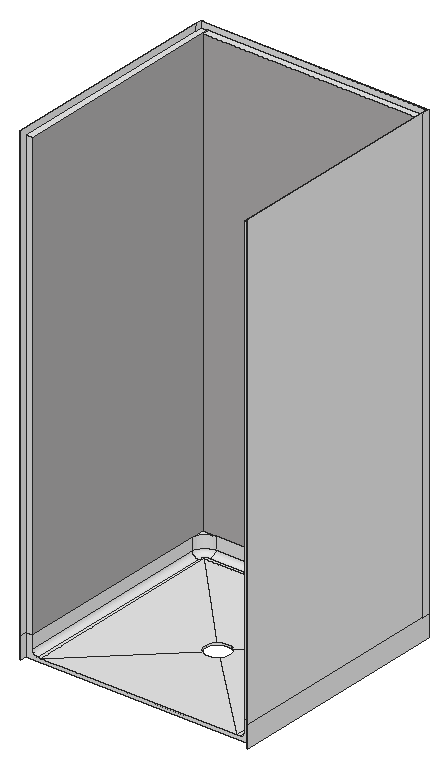
Revit family "4LBS3838FB5T,FB2T,FB5B,FB2B", category Plumbing Fixtures, Revit 2017
Family settings
  Round Connector Dimension = Use Diameter
  Part Type = Normal
  OmniClass Number = 23.45.05.14.17
  OmniClass Title = Showers
  Work Plane-Based = No
  Always vertical = Yes
  Cut with Voids When Loaded = No
  Shared = No
  Room Calculation Point = No
Parameters (values of type "4LBS3838FB5T")
  Unit Width = 38 1/2"
  Unit Height = 80 1/8"
  Unit Depth = 38 1/4"
  URL = "http://www.bestbath.com/"
  Type Comments = "Barrier Free"
  Threshold Height = 5/8"
  Model = "4LBS3838FB5T"
  Material [instance] = Best Bath Gelcoat Fiberglass - 4 x 8 Subway Tile
  Manufacturer = "Best Bath Systems, Inc."
  Keynote = "22 40 00.B3"
  Description = "4 x 8 Subway Tile, Traditional Bull Nose Threshold"
  Assembly Code = "D2010710"
Types (5): name | Unit Height | Threshold Height | Model | Description
  (no name) | 80 1/8" | 5/8" | "4LBS3838FB5T" | "4 x 8 Subway Tile, Traditional Bull Nose Threshold"
  4LBS3838FB5B | 80 1/8" | 5/8" | "4LBS3838FB5B" | "4 x 8 Subway Tile, Beveled Threshold"
  4LBS3838FB2B | 81 1/2" | 2" | "4LBS3838FB2B" | "4 x 8 Subway Tile, Beveled Threshold"
  4LBS3838FB5T | 80 1/8" | 5/8" | "4LBS3838FB5T" | "4 x 8 Subway Tile, Traditional Bull Nose Threshold"
  4LBS3838FB2T | 81 1/2" | 2" | "4LBS3838FB2T" | "4 x 8 Tile, Traditional Bull Nose Threshold"
Reference planes (in)
  plane 1 "Back": y = -0.5
  plane 2: z = 0
  plane 3 "Left": x = 0
  plane 4: x = 38.5
  plane 5: y = -37.75
  plane 6: z = 79.125
  plane 7: z = 0.625
  plane 8: z = 80.125
  plane 9: x = 19.25
  plane 10: y = -1.75
  plane 11: y = -21
  plane 12: z = 0.25
  plane 13: z = 3.625
  plane 14: y = -38.75
Forms (in)
  Extrusion 1, solid, material "Best Bath Smoothwall"
    sketch origin (0, 0, 0) x (1, 0, 0) y (0, 1, 0)
      loop
        line (0, -0.5) -> (0, -37.75) -> (38.5, -37.75) -> (38.5, -0.5) -> (0, -0.5)
      loop
        circle (19.25, -21) r 2.0625
    from 0 to 0.625
  Extrusion 2, solid, material "Best Bath Smoothwall"
    sketch origin (0, 0, 0) x (1, 0, 0) y (0, 1, 0)
      loop
        line (1.25, -0.625) -> (1.25, -1.75) -> (37.25, -1.75) -> (37.25, -0.625) -> (1.25, -0.625)
    from 3.625 to 79.125
  Extrusion 3, solid, material "Best Bath Smoothwall"
    sketch origin (0, 0, 0) x (1, 0, 0) y (0, 1, 0)
      loop
        line (0, -37.75) -> (1.25, -37.75) -> (1.25, -4)
        arc (1.25, -4) -> (1.90901, -2.40901) -> (3.5, -1.75) r 2.25
        line (3.5, -1.75) -> (35, -1.75)
        arc (35, -1.75) -> (36.59099, -2.40901) -> (37.25, -4) r 2.25
        line (37.25, -4) -> (37.25, -37.75) -> (38.5, -37.75) -> (38.5, -0.5) -> (0, -0.5) -> (0, -37.75)
    from 0 to 3.625
  Extrusion 4, solid, material "Best Bath Smoothwall"
    sketch origin (0, 0, 0) x (1, 0, 0) y (0, 1, 0)
      loop
        line (0, -37.75) -> (1.25, -37.75) -> (1.25, -0.625) -> (0.125, -0.625) -> (0.125, -1.75) -> (0, -1.75) -> (0, -37.75)
      loop
        line (38.5, -37.75) -> (38.5, -1.75) -> (38.375, -1.75) -> (38.375, -0.625) -> (37.25, -0.625) -> (37.25, -37.75) -> (38.5, -37.75)
    from 3.625 to 79.125
  Extrusion 5, solid, material "Best Bath Smoothwall"
    sketch origin (0, 0, 0) x (1, 0, 0) y (0, 1, 0)
      loop
        line (0, -38.75) -> (0.125, -38.75) -> (0.125, -1.75) -> (0, -1.75) -> (0, -38.75)
      loop
        line (38.5, -38.75) -> (38.5, -1.75) -> (38.375, -1.75) -> (38.375, -38.75) -> (38.5, -38.75)
    from 3.625 to 80.125
  Extrusion 6, solid, material "Best Bath Smoothwall"
    sketch origin (0, 0, 0) x (1, 0, 0) y (0, 1, 0)
      loop
        line (0, -38.75) -> (0.125, -38.75) -> (0.125, -37.75) -> (0, -37.75) -> (0, -38.75)
      loop
        line (38.5, -37.75) -> (38.375, -37.75) -> (38.375, -38.75) -> (38.5, -38.75) -> (38.5, -37.75)
    from 0 to 3.625
  Extrusion 7, solid, material "Best Bath Smoothwall"
    sketch origin (0, 0, 0) x (1, 0, 0) y (0, 1, 0)
      loop
        line (0, -0.5) -> (0, -1.75) -> (0.125, -1.75) -> (0.125, -0.625) -> (38.375, -0.625) -> (38.375, -1.75) -> (38.5, -1.75) -> (38.5, -0.5) -> (0, -0.5)
    from 3.625 to 80.125
  Blend 8, void
    base sketch origin (0, 0, 0) x (1, 0, 0) y (0, 1, 0)
      loop
        line (2.65652, -3.25) -> (2.65652, -37.75) -> (35.81059, -37.75) -> (35.81059, -3.25) -> (2.65652, -3.25)
    top sketch origin (0, 0, 0) x (1, 0, 0) y (0, 1, 0)
      loop
        circle (19.25, -21) r 0.03297
    from 0.625 to 0.25
  Sweep 9, solid, material "Best Bath Smoothwall"
    path origin (0, 0, 0) x (1, 0, 0) y (0, 1, 0)
      loop
        line (37.25, -37.75) -> (37.25, -4)
        arc (37.25, -4) -> (36.59099, -2.40901) -> (35, -1.75) r 2.25
        line (35, -1.75) -> (3.5, -1.75)
        arc (3.5, -1.75) -> (1.90901, -2.40901) -> (1.25, -4) r 2.25
        line (1.25, -4) -> (1.25, -37.75)
    profile origin (1.25, -20.875, 0) x (1, 0, 0) y (0, 0, 1)
      loop
        line (0, 0.625) -> (0.95, 0.625)
        arc (0.95, 0.625) -> (0.27825, 0.90325) -> (0, 1.575) r 0.95
        line (0, 1.575) -> (0, 0.625)
Cuts and joins
  joined: Extrusion 2, Extrusion 7
  joined: Extrusion 4, Extrusion 5
  Blend 8 cuts Extrusion 1
  joined: Extrusion 1, Extrusion 3, Extrusion 6, Sweep 9
Dimensions and locks (in)
  "Unit Width": plane 3 "Left" to plane 4
  "Threshold Height": plane 7 to level
  locked: plane 8 to plane 6 at 1
  equal spacing: plane 3 "Left", plane 9, plane 4
  locked: plane 1 "Back" to plane 11 at 20.5
  locked: plane 10 to plane 1 "Back" at 1.25
  locked: plane 7 to plane 12 at 0.375
  locked: plane 5 to plane 14 at 1
  "Unit Depth": plane 14 to plane 1 "Back"
  locked: plane 13 to plane 7 at 3
  "Unit Height": plane 8 to level
  aligned and locked: level to plane 2
  aligned and locked: plane 7 to Extrusion 1
  aligned and locked: plane 5 to Extrusion 1 sketch curve
  aligned and locked: plane 4 to Extrusion 1 sketch curve
  aligned and locked: Extrusion 2 sketch curve to plane 10
  aligned and locked: plane 11 to Extrusion 1 sketch curve
  aligned and locked: plane 9 to Extrusion 1 sketch curve
  aligned and locked: plane 13 to Extrusion 3
  aligned and locked: Extrusion 2 to plane 13
  aligned and locked: plane 6 to Extrusion 2
  aligned and locked: Extrusion 4 to Extrusion 2
  aligned and locked: plane 6 to Extrusion 4
  aligned and locked: Extrusion 5 to plane 13
  aligned and locked: plane 8 to Extrusion 5
  aligned and locked: plane 13 to Extrusion 6
  aligned and locked: plane 8 to Extrusion 7
  aligned and locked: plane 11 to Blend 8 sketch curve
  aligned and locked: plane 9 to Blend 8 sketch curve
  aligned and locked: Extrusion 1 to Blend 8
  aligned and locked: Blend 8 to plane 12
  aligned and locked: Extrusion 7 to Extrusion 2
  aligned and locked: Sweep 9 sketch curve to plane 7
Automatic sketch dimensions
  Extrusion 1 sketch curve to plane 3 "Left" = 0"
  plane 1 "Back" to Extrusion 1 sketch curve = 0"
  plane 1 "Back" to Extrusion 3 sketch curve = 0"
  Extrusion 3 sketch curve to plane 3 "Left" = 0"
  Extrusion 3 sketch curve to plane 5 = 0"  (x2)
  Extrusion 3 sketch curve to plane 10 = 0"
  Extrusion 3 sketch curve to plane 4 = 0"
  plane 4 to Extrusion 3 sketch curve = 1 1/4"
  Extrusion 3 sketch curve to plane 10 = 2 1/4"
  plane 3 "Left" to Extrusion 3 sketch curve = 1 1/4"
  Extrusion 3 sketch curve to Extrusion 3 sketch curve = 2 1/4"
  Extrusion 6 sketch curve to plane 3 "Left" = 0"
  Extrusion 6 sketch curve to plane 5 = 0"  (x2)
  Extrusion 6 sketch curve to plane 14 = 0"  (x2)
  Extrusion 6 sketch curve to plane 4 = 0"
  plane 3 "Left" to Extrusion 6 sketch curve = 1/8"
  Extrusion 6 sketch curve to Extrusion 6 sketch curve = 1/8"
  plane 1 "Back" to Extrusion 7 sketch curve = 0"
  Extrusion 7 sketch curve to plane 3 "Left" = 0"
  Extrusion 7 sketch curve to plane 10 = 0"  (x2)
  Extrusion 7 sketch curve to plane 4 = 0"
  Extrusion 7 sketch curve to Extrusion 7 sketch curve = 1/8"
  plane 4 to Extrusion 7 sketch curve = 1/8"
  plane 1 "Back" to Extrusion 7 sketch curve = 1/8"
  Extrusion 5 sketch curve to plane 3 "Left" = 0"
  Extrusion 5 sketch curve to plane 14 = 0"  (x2)
  Extrusion 5 sketch curve to plane 10 = 0"  (x2)
  Extrusion 5 sketch curve to plane 4 = 0"
  plane 3 "Left" to Extrusion 5 sketch curve = 1/8"
  plane 4 to Extrusion 5 sketch curve = 1/8"
  Extrusion 4 sketch curve to plane 10 = 0"  (x2)
  Extrusion 4 sketch curve to plane 5 = 0"  (x2)
  Extrusion 4 sketch curve to plane 4 = 0"
  plane 3 "Left" to Extrusion 4 sketch curve = 1/8"
  plane 3 "Left" to Extrusion 4 sketch curve = 1 1/4"
  plane 1 "Back" to Extrusion 4 sketch curve = 1/8"  (x2)
  plane 4 to Extrusion 4 sketch curve = 1 1/4"
  plane 4 to Extrusion 4 sketch curve = 1/8"
  Extrusion 4 sketch curve to plane 3 "Left" = 0"
  plane 3 "Left" to Extrusion 2 sketch curve = 1 1/4"
  plane 4 to Extrusion 2 sketch curve = 1 1/4"
  plane 1 "Back" to Extrusion 2 sketch curve = 1/8"
  Blend 8 sketch curve to plane 5 = 0"
  plane 3 "Left" to Blend 8 sketch curve = 2.65652"
  plane 4 to Blend 8 sketch curve = 2.68941"
  Blend 8 sketch curve to plane 10 = 1 1/2"
  Sweep 9 sketch curve to plane 5 = 0"  (x2)
  Sweep 9 sketch curve to plane 10 = 0"
  plane 3 "Left" to Sweep 9 sketch curve = 1 1/4"
  Sweep 9 sketch curve to Sweep 9 sketch curve = 2 1/4"
  plane 4 to Sweep 9 sketch curve = 3 1/2"
  plane 4 to Sweep 9 sketch curve = 1 1/4"
  profile plane to Sweep 9 sketch curve = 0"
  Sweep 9 sketch curve to Sweep 9 sketch curve = 0.95"
  radius of Extrusion 1 sketch curve = 2 1/16"
  radius of Blend 8 sketch curve = 0.03297"
